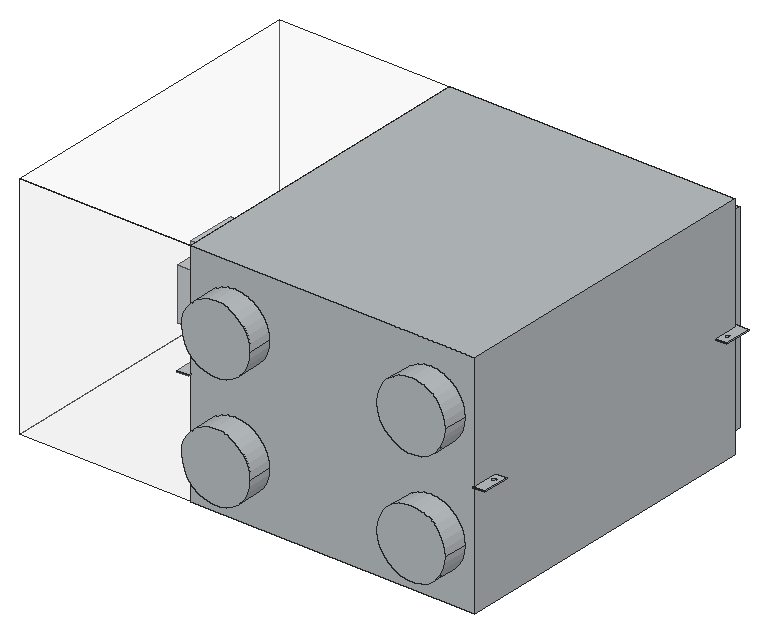
Revit family "lgh-rn150_200rxvd-c_50Hz", category 機械設備, Revit 2019
Family settings
  丸型コネクタ寸法 = 直径を使用
  パーツ タイプ = 割り込み
  OmniClass 番号 = 23.75.10.34.21
  OmniClass タイトル = Heat Exchangers for Ventilation Air
  作業面ベース = いいえ
  常に垂直 = はい
  ロード時にボイドで切り取り = いいえ
  共有 = いいえ
  部屋計算ポイント = はい
Parameters (values of type "LGH-RN150RXVD-C")
  騒音レベル(dB(A)) = 38.5
  風量 = MAX風量  # 1500.0 m³/h
  面風速 = 8.5 m/s
  電源種別 [instance] = "一般"
  電圧 = 200 V
  電動機出力 = 0 W
  集中コントローラ = ""
  運転質量 = 0.00 kg
  連動 [instance] = ""
  質量 = if(製品質量 > 運転質量, 製品質量, 運転質量) * 1.2  # 128.40 kg
  負荷分類 = 3_ファン類
  説明 = "業務用ロスナイ 天井埋込形 DCリプレースマイコン CO2センサー付"
  設計風量 = 0.0 m³/h
  設置方法 = "天井吊(隠ぺい)形"
  記号 [instance] = ""
  製造元 = "三菱電機株式会社"
  製品質量 = 107.00 kg
  製品出荷対象 = "国内"
  製品リリース年月 = "2020年10月1日"
  製品グループ = ""
  系統 [instance] = ""
  符号 [instance] = "HEU"
  積算_科目 = "1 空気調和設備"
  積算_拾い区分 [instance] = ""
  相 = 1
  盤記号 [instance] = ""
  発停方法 [instance] = "別売リモコン"
  特殊仕様 [instance] = ""
  点検口高さ = -Height / 2  # -404 mm
  点検口 = yes
  火災停止 [instance] = ""
  温度交換効率_特強 = 74.00%
  温度交換効率_強 = 74.00%
  温度交換効率_弱 = 76.50%
  消費電力 = 900 W
  法定耐用年数 = "15"
  機外静圧_排気 = 275.0 Pa
  機外静圧 = 275.0 Pa
  極数 = 3
  材質 [instance] = ""
  本体マテリアル = 溶融亜鉛めっき鋼板
  操作・制御方式 = ""
  操作・制御スイッチ = ""
  排気量 = 0.0 m³/h
  形式 = "天井埋込ダクト形"
  形名 = LGH-RN-3 : LGH-RN150-3
  幹線記号 [instance] = ""
  対象室 [instance] = ""
  実風量 = 0.0 m³/h
  始動方式 [instance] = "直入"
  外気量 = 設計風量  # 0.0 m³/h
  呼称 = "全熱交換ユニット"
  周波数 = 50 Hz
  吊りボルト-W = 1046 mm
  吊りボルト-D = 1030 mm
  参照している仕様書等のバージョン = ""
  初期抵抗 = 0.0 Pa
  分類コード = "50052504100070"
  分類グループ = ""
  価格 = 1233200
  企業コード = "108420"
  付属品_フィルター_還気 = ""
  付属品_フィルター = ""
  付属品 [instance] = ""
  仕様書バージョン = "Version1.0"
  モデル = "LGH-RN150RXVD-C"
  ドレン管径 = 0 mm
  ダクト径 = 242 mm
  サービススペース = yes
  コメント [instance] = ""
  Keynote = ""
  エンタルピ交換効率_暖房_特強 = 76.00%
  エンタルピ交換効率_暖房_強 = 76.00%
  エンタルピ交換効率_暖房_弱 = 78.50%
  エンタルピ交換効率_冷房_特強 = 66.00%
  エンタルピ交換効率_冷房_強 = 66.00%
  エンタルピ交換効率_冷房_弱 = 68.50%
  Width = 1004 mm
  Version = ""
  Uniclass2015Version = "Systems v1.9"
  Uniclass2015Title = "Thermal wheels"
  Uniclass2015Code = "Pr_60_60_36_88"
  URL = "https://www.mitsubishielectric.co.jp/ldg/wink/ssl/displayProduct.do?pid=309811"
  SpecificationReference = ""
  SpecificationDescription = ""
  SMAX風量 = 1500.0 m³/h
  SMAX静圧 = 275.0 Pa
  SAサイズ_D = 242 mm
  Revision = ""
  RAサイズ_D = 242 mm
  ProductInformation = ""
  OmniClassCode = "23-27 23 19 11"
  OAサイズ_W = 270 mm
  OAサイズ_D = 700 mm
  MIN風量 = 660.0 m³/h
  MIN静圧 = 47.0 Pa
  MID風量 = 1080.0 m³/h
  MID静圧 = 127.0 Pa
  MAX風量 = 1500.0 m³/h
  MAX静圧 = 245.0 Pa
  M2 = 49 mm
  M1 = 84 mm
  IfcTypeProduct = ""
  IfcProduct = ""
  IfcExportType = "ROTARYWHEEL"
  IfcExportAs = "IfcAirToAirHeatRecoveryType"
  Height = 808 mm
  EAサイズ_W = 270 mm
  EAサイズ_D = 700 mm
  Depth = 1144 mm
  Clearance Top = 0 mm  # constant formula
  Clearance Right = 0 mm  # constant formula
  Clearance Left = 600 mm  # constant formula
  Clearance Front = 0 mm  # constant formula
  Clearance Bottom = 0 mm  # constant formula
  Clearance Back = 0 mm  # constant formula
  Author = "三菱電機株式会社"
Types (2, lengths in mm): name | 騒音レベル(dB(A)) | 風量 | 面風速 | 質量 | 製品質量 | 温度交換効率_特強 | 温度交換効率_強 | 温度交換効率_弱 | 消費電力 | 機外静圧_排気 | 機外静圧 | 形名 | 吊りボルト-W | 価格 | モデル | エンタルピ交換効率_暖房_特強 | エンタルピ交換効率_暖房_強 | エンタルピ交換効率_暖房_弱 | エンタルピ交換効率_冷房_特強 | エンタルピ交換効率_冷房_強 | エンタルピ交換効率_冷房_弱 | Width | URL | SMAX風量 | SMAX静圧 | MIN風量 | MIN静圧 | MID風量 | MID静圧 | MAX風量 | MAX静圧
  LGH-RN150RXVD-C | 38.5 | 1500.0 m³/h | 8.5 m/s | 128.40 kg | 107.00 kg | 74.00% | 74.00% | 76.50% | 900 W | 275.0 Pa | 275.0 Pa | LGH-RN-3 : LGH-RN150-3 | 1046 | 1233200 | "LGH-RN150RXVD-C" | 76.00% | 76.00% | 78.50% | 66.00% | 66.00% | 68.50% | 1004 | "https://www.mitsubishielectric.co.jp/ldg/wink/ssl/displayProduct.do?pid=309811" | 1500.0 m³/h | 275.0 Pa | 660.0 m³/h | 47.0 Pa | 1080.0 m³/h | 127.0 Pa | 1500.0 m³/h | 245.0 Pa
  LGH-RN200RXVD-C | 41 | 2000.0 m³/h | 11.3 m/s | 140.40 kg | 117.00 kg | 73.00% | 73.00% | 75.00% | 1160 W | 225.0 Pa | 225.0 Pa | LGH-RN-3 : LGH-RN200-3 | 1273 | 1377200 | "LGH-RN200RXVD-C" | 75.00% | 75.00% | 76.50% | 65.00% | 65.00% | 67.50% | 1231 | "https://www.mitsubishielectric.co.jp/ldg/wink/ssl/displayProduct.do?pid=309814" | 2000.0 m³/h | 225.0 Pa | 880.0 m³/h | 32.0 Pa | 1440.0 m³/h | 86.0 Pa | 2000.0 m³/h | 165.0 Pa
Reference planes
  plane 1 "中心(正面/背面)": y = 0
  plane 2: z = 0
  plane 3 "中心(左/右)": x = 0
  plane 4 "4": x = 0
  plane 5 "3": x = 0
  plane 6 "左": x = -502
  plane 7 "右": x = 502
  plane 8 "背面": y = 572
  plane 9 "正面": y = -572
  plane 10: z = 404
  plane 11: y = 515
  plane 12: y = -515
  plane 13: x = 523
  plane 14: x = -523
  plane 15: z = -404
  plane 16: z = 404
  plane 17: z = -404
  plane 18: y = 572
  plane 19: x = 502
  plane 20: x = -1102
  plane 21: y = -572
  plane 22: y = 225
  plane 23: x = -652
  plane 24: y = -225
Dimensions and locks
  equal spacing: plane 6 "左", plane 5 "3", plane 7 "右"
  "Width": plane 6 "左" to plane 7 "右"
  equal spacing: plane 9 "正面", plane 1 "中心(正面/背面)", plane 8 "背面"
  "Depth": plane 9 "正面" to plane 8 "背面"
  equal spacing: plane 10, level, plane 15
  "Height": plane 10 to plane 15
  equal spacing: plane 14, plane 5 "3", plane 13
  "吊りボルト-W": plane 14 to plane 13
  equal spacing: plane 12, plane 1 "中心(正面/背面)", plane 11
  "吊りボルト-D": plane 12 to plane 11
  "Clearance Back": plane 8 "背面" to plane 18
  "Clearance Front": plane 21 to plane 9 "正面"
  "Clearance Right": plane 7 "右" to plane 19
  "Clearance Left": plane 20 to plane 6 "左"
  "Clearance Top": plane 16 to plane 10
  "Clearance Bottom": plane 15 to plane 17
  equal spacing: plane 24, plane 1 "中心(正面/背面)", plane 22
  locked: plane 24 to plane 22 at 450
  locked: plane 20 to plane 23 at 450
  aligned and locked: level to plane 2
  aligned and locked: nested 1 to plane 11
  aligned and locked: plane 12 to nested 1
  aligned and locked: plane 14 to nested 1
  aligned and locked: plane 13 to nested 1
  aligned and locked: plane 21 to nested 3
  aligned and locked: plane 20 to nested 3
  aligned and locked: plane 16 to nested 3
  aligned and locked: plane 17 to nested 3
  aligned and locked: plane 18 to nested 3
  aligned and locked: plane 6 "左" to nested 3
  aligned and locked: plane 1 "中心(正面/背面)" to nested 2
  aligned and locked: nested 2 to plane 5 "3"
  aligned and locked: plane 23 to nested 4
  aligned and locked: plane 20 to nested 4
  aligned and locked: plane 22 to nested 4
  aligned and locked: nested 4 to plane 24
Nested families
  nested 1: "固定点" at (-523, -515, 0), type "固定点"
    with W 1046 mm, D 1030 mm
  nested 2: "LGH-RN-3" at (0, 0, -404) x (0, -1, 0) z (0, 0, 1), type <- "形名", type "LGH-RN150-3"
  nested 3: "サービススペース" at (-802, 0, 0), visible <- "サービススペース", type "サービススペース"
    with Width 600 mm, Height 808 mm, Depth 1144 mm
  nested 4: "点検口設置範囲" at (-877, 0, -404), visible <- "点検口", built-in parameter 1001364 <- "点検口高さ", type "点検口設置範囲"
    with Width 450 mm, Depth 450 mm
Connectors
  hvac at (345, -656, 202), driven by "RAサイズ_D", driven by "機外静圧", driven by "風量"
    settings: on nested 2, index 1, duct flow 1500.0 m³/h, flow factor 0, pres drop 275.0 Pa, loss coef 0, conn angle 0.00°, conn width 304.8 mm, conn height 304.8 mm, conn diameter 242 mm, duct sys type 2, conn prof type 0, flow config 0, flow direction 1, loss method 4, conn ref index -1, conn util no, is conn primary yes, conn desc ""
  hvac at (345, -656, -202), driven by "RAサイズ_D", driven by "機外静圧", driven by "風量"
    settings: on nested 2, index 2, duct flow 1500.0 m³/h, flow factor 0, pres drop 275.0 Pa, loss coef 0, conn angle 0.00°, conn width 304.8 mm, conn height 304.8 mm, conn diameter 242 mm, duct sys type 2, conn prof type 0, flow config 0, flow direction 1, loss method 4, conn ref index -1, conn util no, is conn primary no, conn desc ""
  hvac at (-345, -656, 202), driven by "SAサイズ_D", driven by "機外静圧", driven by "風量"
    settings: on nested 2, index 3, duct flow 1500.0 m³/h, flow factor 0, pres drop 275.0 Pa, loss coef 0, conn angle 0.00°, conn width 304.8 mm, conn height 304.8 mm, conn diameter 242 mm, duct sys type 1, conn prof type 0, flow config 0, flow direction 2, loss method 4, conn ref index -1, conn util no, is conn primary no, conn desc ""
  hvac at (-345, -656, -202), driven by "SAサイズ_D", driven by "機外静圧", driven by "風量"
    settings: on nested 2, index 4, duct flow 1500.0 m³/h, flow factor 0, pres drop 275.0 Pa, loss coef 0, conn angle 0.00°, conn width 304.8 mm, conn height 304.8 mm, conn diameter 242 mm, duct sys type 1, conn prof type 0, flow config 0, flow direction 2, loss method 4, conn ref index -1, conn util no, is conn primary no, conn desc ""
  hvac at (345, 621, 0), driven by "機外静圧", driven by "排気量", driven by "EAサイズ_D", driven by "EAサイズ_W"
    settings: on nested 2, index 5, duct flow 0.0 m³/h, flow factor 0, pres drop 275.0 Pa, loss coef 0, conn angle 0.00°, conn width 270 mm, conn height 700 mm, conn diameter 609.6 mm, duct sys type 3, conn prof type 1, flow config 0, flow direction 2, loss method 4, conn ref index -1, conn util no, is conn primary no, conn desc ""
  hvac at (-345, 621, 0), driven by "機外静圧", driven by "外気量", driven by "OAサイズ_W", driven by "OAサイズ_D"
    settings: on nested 2, index 6, duct flow 0.0 m³/h, flow factor 0, pres drop 275.0 Pa, loss coef 0, conn angle 0.00°, conn width 270 mm, conn height 700 mm, conn diameter 609.6 mm, duct sys type 4, conn prof type 1, flow config 0, flow direction 1, loss method 4, conn ref index -1, conn util no, is conn primary no, conn desc ""
  electrical at (-559.5, -427, -18.5), driven by "極数", driven by "負荷分類", driven by "電圧", driven by "消費電力"
    settings: on nested 2, index 7, voltage 200 V, apparent load 900 VA, apparent load phase1 0 VA, apparent load phase2 0 VA, apparent load phase3 0 VA, power factor 1, load classification "3_ファン類", number of poles 3, system type 30, power factor state 1, is connector primary yes, connector utility no, sub classification motor no, connector description ""
Definition of nested family "LGH-RN-3"
  Parameters (values of type "LGH-RN150-3")
    吊りボルト-φ = 13 mm
    吊りボルト-W1 = 1030 mm
    吊りボルト-D1 = 1046 mm
    マテリアル = none
    ダクト間 = 690 mm
    ダクト-W = 270 mm
    ダクト-H = 700 mm
    コントロール手前位置 = 145 mm  # constant formula
    コントロール上位置 = 88 mm  # constant formula
    φ = 242 mm
    Φ = 258 mm
    吊りボルト-H = 0 mm
    M2 = 49 mm
    M1 = 84 mm
    W = 1144 mm
    H = 808 mm
    D = 1004 mm
    CO2センサー手前位置 = 176 mm  # constant formula
    CO2センサー上位置 = 201 mm  # constant formula
  Types (2, lengths in mm): name | 吊りボルト-D1 | ダクト間 | D
    LGH-RN200-3 | 1273 | 917 | 1231
    LGH-RN150-3 | 1046 | 690 | 1004
  Reference planes
    plane 1 "中心(正面/背面)": y = 0
    plane 2: z = 0
    plane 3 "中心(左/右)": x = 0
    plane 4: y = 502
    plane 5: y = 523
    plane 6: y = 543
    plane 7: y = -502
    plane 8: y = -523
    plane 9: y = -543
    plane 10: x = -572
    plane 11: x = 572
    plane 12: z = 404
    plane 13: x = -213
    plane 14: x = 656
    plane 15: x = -621
    plane 16: z = 202
    plane 17: y = 345
    plane 18: y = -345
    plane 19: x = -515
    plane 20: x = 515
    plane 21: x = 190.667
    plane 22: x = -190.667
    plane 23: y = -617
    plane 24: y = -686
    plane 25: x = 427
    plane 26: x = 381.333
    plane 27: x = 252
    plane 28: z = 336.667
    plane 29: z = 269.333
    plane 30: z = 134.667
    plane 31: z = 67.333
    plane 32: x = 396
    plane 33: x = 281
    plane 34: x = -581
    plane 35: x = 581
    plane 36: x = 485
    plane 37: x = -485
    plane 38: z = 404
    plane 39: z = 401
    plane 40: z = 606
    plane 41: z = 471.333
    plane 42: z = 538.667
    plane 43: z = 673.333
    plane 44: z = 740.667
    plane 45: z = 404
    plane 46: z = 808
    plane 47: y = 480
    plane 48: y = 210
    plane 49: y = -210
    plane 50: y = -480
    plane 51: z = 754
    plane 52: z = 54
    plane 53: z = 720
    plane 54: z = 607
    plane 55: z = 424
    plane 56: z = 51
  Forms (mm)
    Extrusion 1, solid, material <- "マテリアル", detail levels fine
      sketch origin (0, 0, 0) x (0, 1, 0) y (0, 0, -1)
        loop
          circle (-345, -202) r 121
        loop
          circle (345, -202) r 121
        loop
          circle (345, -606) r 121
        loop
          circle (-345, -606) r 121
      from -572 to -656
    Extrusion 2, solid, material <- "マテリアル", detail levels fine
      sketch origin (0, 0, 0) x (1, 0, 0) y (0, 1, 0)
        loop
          line (-581, 543) -> (-581, 502) -> (-485, 502) -> (-485, 543) -> (-581, 543)
        loop
          line (-581, -502) -> (-581, -543) -> (-485, -543) -> (-485, -502) -> (-581, -502)
        loop
          line (485, 543) -> (485, 502) -> (581, 502) -> (581, 543) -> (485, 543)
        loop
          line (485, -543) -> (581, -543) -> (581, -502) -> (485, -502) -> (485, -543)
        loop
          circle (-515, 523) r 6.5
        loop
          circle (515, 523) r 6.5
        loop
          circle (-515, -523) r 6.5
        loop
          circle (515, -523) r 6.5
      from 401 to 404
    Extrusion 3, solid, material <- "マテリアル", detail levels fine
      sketch origin (0, 0, 808) x (0, -1, 0) y (1, 0, 0)
        loop
          line (-502, -572) -> (502, -572) -> (502, 572) -> (-502, 572) -> (-502, -572)
      from 0 to -808
    Extrusion 4, solid, material <- "マテリアル", detail levels fine
      sketch origin (0, 0, 0) x (1, 0, 0) y (0, 0, 1)
        loop
          line (252, 720) -> (252, 51) -> (427, 51) -> (427, 720) -> (252, 720)
      from 502 to 617
    Extrusion 5, solid, material <- "マテリアル", detail levels fine
      sketch origin (0, 0, 0) x (1, 0, 0) y (0, 0, 1)
        loop
          line (281, 607) -> (281, 424) -> (396, 424) -> (396, 607) -> (281, 607)
      from 617 to 686
    Extrusion 6, solid, material <- "マテリアル", detail levels fine
      sketch origin (0, 0, 0) x (0, 1, 0) y (0, 0, 1)
        loop
          line (-210, 754) -> (-480, 754) -> (-480, 54) -> (-210, 54) -> (-210, 754)
        loop
          line (210, 754) -> (210, 54) -> (480, 54) -> (480, 754) -> (210, 754)
      from -621 to -572
  Dimensions and locks
    "W": plane 10 to plane 11
    "吊りボルト-D1": plane 8 to plane 5
    "D": plane 7 to plane 4
    equal spacing: plane 7, plane 1 "中心(正面/背面)", plane 4
    equal spacing: plane 10, plane 3 "中心(左/右)", plane 11
    "M2": plane 15 to plane 10
    "M1": plane 11 to plane 14
    equal spacing: plane 8, plane 1 "中心(正面/背面)", plane 5
    equal spacing: plane 18, plane 1 "中心(正面/背面)", plane 17
    "ダクト間": plane 18 to plane 17
    equal spacing: plane 19, plane 3 "中心(左/右)", plane 20
    "吊りボルト-W1": plane 19 to plane 20
    plane 15 to plane 14 = 1277 mm
    equal spacing: plane 10, plane 22, plane 21, plane 11
    plane 11 to plane 21 to plane 22 to plane 10 = 381.333 mm, 381.333 mm, 381.333 mm
    locked: plane 23 to plane 7 at 115
    locked: plane 24 to plane 7 at 184
    equal spacing: plane 12, plane 28, plane 29, plane 16, plane 30, plane 31, level
    locked: plane 5 to plane 6 at 20
    locked: plane 9 to plane 8 at 20
    locked: plane 38 to plane 39 at 3
    "吊りボルト-H": plane 12 to plane 38
    locked: plane 19 to plane 37 at 30
    locked: plane 36 to plane 20 at 30
    locked: plane 34 to plane 10 at 9
    locked: plane 11 to plane 35 at 9
    "H": plane 46 to level
    equal spacing: plane 46, plane 44, plane 43, plane 40, plane 42, plane 41, plane 12
    "吊りボルト-H": plane 45 to plane 12
    equal spacing: plane 48, plane 17, plane 47
    "ダクト-W": plane 48 to plane 47
    equal spacing: plane 50, plane 18, plane 49
    "ダクト-W": plane 50 to plane 49
    equal spacing: plane 51, plane 45, plane 52
    "ダクト-H": plane 51 to plane 52
    locked: plane 33 to plane 32 at 115
    locked: plane 27 to plane 25 at 175
    "CO2センサー手前位置": plane 32 to plane 11
    "コントロール手前位置": plane 25 to plane 11
    locked: plane 53 to plane 56 at 669
    "コントロール上位置": plane 46 to plane 53
    "CO2センサー上位置": plane 46 to plane 54
    locked: plane 54 to plane 55 at 183
    "φ": diameter of Extrusion 1 sketch curve  (x4)
    "吊りボルト-φ": diameter of Extrusion 2 sketch curve  (x4)
    aligned and locked: level to plane 2
    aligned and locked: plane 14 to Extrusion 1
    aligned and locked: plane 18 to Extrusion 1 sketch curve  (x2)
    aligned and locked: plane 16 to Extrusion 1 sketch curve  (x2)
    aligned and locked: plane 17 to Extrusion 1 sketch curve  (x2)
    aligned and locked: plane 6 to Extrusion 2 sketch curve  (x2)
    aligned and locked: plane 34 to Extrusion 2 sketch curve  (x2)
    aligned and locked: Extrusion 2 sketch curve to plane 4  (x2)
    aligned and locked: Extrusion 2 sketch curve to plane 37  (x2)
    aligned and locked: plane 7 to Extrusion 2 sketch curve
    aligned and locked: Extrusion 2 sketch curve to plane 9
    aligned and locked: Extrusion 2 sketch curve to plane 35
    aligned and locked: plane 9 to Extrusion 2 sketch curve
    aligned and locked: Extrusion 2 sketch curve to plane 7
    aligned and locked: plane 35 to Extrusion 2 sketch curve
    aligned and locked: plane 8 to Extrusion 2 sketch curve  (x2)
    aligned and locked: plane 5 to Extrusion 2 sketch curve  (x2)
    aligned and locked: plane 19 to Extrusion 2 sketch curve  (x2)
    aligned and locked: plane 20 to Extrusion 2 sketch curve  (x2)
    aligned and locked: Extrusion 2 to plane 39
    aligned and locked: plane 38 to Extrusion 2
    aligned and locked: Extrusion 2 sketch curve to plane 36  (x2)
    aligned and locked: Extrusion 3 to plane 46
    aligned and locked: plane 27 to Extrusion 4 sketch curve
    aligned and locked: plane 7 to Extrusion 4
    aligned and locked: plane 23 to Extrusion 4
    aligned and locked: plane 33 to Extrusion 5 sketch curve
    aligned and locked: Extrusion 5 sketch curve to plane 32
    aligned and locked: plane 23 to Extrusion 5
    aligned and locked: plane 24 to Extrusion 5
    aligned and locked: plane 40 to Extrusion 1 sketch curve  (x2)
    aligned and locked: plane 51 to Extrusion 6 sketch curve
    aligned and locked: Extrusion 6 sketch curve to plane 51
    aligned and locked: Extrusion 6 sketch curve to plane 52  (x2)
    aligned and locked: Extrusion 6 sketch curve to plane 47
    aligned and locked: Extrusion 6 sketch curve to plane 48
    aligned and locked: Extrusion 6 sketch curve to plane 49
    aligned and locked: Extrusion 6 sketch curve to plane 50
    aligned and locked: Extrusion 6 to plane 15
    aligned and locked: plane 10 to Extrusion 6
    aligned and locked: plane 55 to Extrusion 5 sketch curve
    aligned and locked: Extrusion 5 sketch curve to plane 54
    aligned and locked: Extrusion 4 sketch curve to plane 53
    aligned and locked: Extrusion 3 to level
    aligned and locked: Extrusion 4 to plane 56
    aligned and locked: Extrusion 1 to plane 11
  Automatic sketch dimensions
    plane 4 to Extrusion 3 sketch curve = 0 mm
    plane 7 to Extrusion 3 sketch curve = 0 mm
    Extrusion 3 sketch curve to plane 10 = 0 mm
    Extrusion 3 sketch curve to plane 11 = 0 mm
    Extrusion 4 sketch curve to plane 12 = 353 mm
    Extrusion 4 sketch curve to plane 25 = 0 mm
Definition of nested family "サービススペース"
  Parameters (values of type "サービススペース")
    Width [instance] = 500 mm
    Height [instance] = 500 mm
    Depth [instance] = 500 mm
  Reference planes
    plane 1 "中心(正面/背面)": y = 0
    plane 2: z = 0
    plane 3 "中心(左/右)": x = 0
    plane 4: y = -250
    plane 5: x = 250
    plane 6: y = 250
    plane 7: x = -250
    plane 8: z = 250
    plane 9: z = -250
  Forms (mm)
    Extrusion 1, solid
      sketch origin (-638.939, 0, 72.39) x (1, 0, 0) y (0, 1, 0)
        loop
          line (388.939, 250) -> (388.939, -250) -> (888.939, -250) -> (888.939, 250) -> (388.939, 250)
      from -322.39 to 177.61
  Lines and regions (mm)
    symbolic lines
      curve 1: line (-250, 0, 250) -> (250, 0, 250)
      curve 2: line (-250, 0, -250) -> (-250, 0, 250)
      curve 3: line (250, 0, -250) -> (-250, 0, -250)
      curve 4: line (250, 0, 250) -> (250, 0, -250)
      curve 5: line (0, -250, 250) -> (0, 250, 250)
      curve 6: line (0, -250, -250) -> (0, -250, 250)
      curve 7: line (0, 250, -250) -> (0, -250, -250)
      curve 8: line (0, 250, 250) -> (0, 250, -250)
      curve 9: line (-250, 250, 0) -> (250, 250, 0)
      curve 10: line (-250, -250, 0) -> (-250, 250, 0)
      curve 11: line (250, -250, 0) -> (-250, -250, 0)
      curve 12: line (250, 250, 0) -> (250, -250, 0)
  Dimensions and locks
    equal spacing: plane 7, plane 3 "中心(左/右)", plane 5
    equal spacing: plane 4, plane 1 "中心(正面/背面)", plane 6
    "Depth": plane 4 to plane 6
    "Width": plane 7 to plane 5
    equal spacing: plane 8, plane 2, plane 9
    "Height": plane 8 to plane 9
    aligned and locked: plane 9 to curve 3
    aligned and locked: plane 7 to curve 2
    aligned and locked: curve 4 to plane 5
    aligned and locked: plane 5 to Extrusion 1
    aligned and locked: Extrusion 1 to plane 7
    aligned and locked: Extrusion 1 to plane 9
    aligned and locked: plane 8 to Extrusion 1
    aligned and locked: plane 9 to curve 7
  Automatic sketch dimensions
    plane 4 to Extrusion 1 sketch curve = 0 mm
    Extrusion 1 sketch curve to plane 7 = 0 mm
    Extrusion 1 sketch curve to plane 5 = 0 mm
    plane 6 to Extrusion 1 sketch curve = 0 mm
    curve 2 to plane 8 = 0 mm
    plane 4 to curve 11 = 0 mm
    curve 11 to plane 7 = 0 mm
    curve 11 to plane 5 = 0 mm
    plane 6 to curve 10 = 0 mm
    curve 7 to plane 4 = 0 mm
    curve 7 to plane 6 = 0 mm
    curve 6 to plane 8 = 0 mm
Definition of nested family "固定点"
  Parameters (values of type "固定点")
    中心円 = 11 mm
    W [instance] = 1000 mm
    D [instance] = 1000 mm
  Reference planes
    plane 1 "中心(正面/背面)": y = 0
    plane 2: z = 0
    plane 3 "中心(左/右)": x = 0
    plane 4: x = 1000
    plane 5: y = 1000
  Lines and regions (mm)
    symbolic lines, detail levels fine
      curve 1: circle (0, 1000, 0) r 5.5 normal (0, 0, 1)
      curve 2: circle (0, 0, 0) r 5.5 normal (0, 0, 1)
      curve 3: circle (1000, 1000, 0) r 5.5 normal (0, 0, 1)
      curve 4: circle (1000, 0, 0) r 5.5 normal (0, 0, 1)
      curve 5: line (-200, 1000, 0) -> (1200, 1000, 0)
      curve 6: line (-200, 0, 0) -> (1200, 0, 0)
      curve 7: line (0, 1200, 0) -> (0, -200, 0)
      curve 8: line (1000, 1200, 0) -> (1000, -200, 0)
  Dimensions and locks
    "W": plane 3 "中心(左/右)" to plane 4
    "D": plane 1 "中心(正面/背面)" to plane 5
    "中心円": diameter of curve 1
    "中心円": diameter of curve 2
    "中心円": diameter of curve 3
    "中心円": diameter of curve 4
    aligned and locked: level to plane 2
    aligned and locked: plane 5 to curve 1
    aligned and locked: plane 3 "中心(左/右)" to curve 1
    aligned and locked: plane 3 "中心(左/右)" to curve 2
    aligned and locked: plane 1 "中心(正面/背面)" to curve 2
    aligned and locked: plane 4 to curve 3
    aligned and locked: plane 5 to curve 3
    aligned and locked: plane 1 "中心(正面/背面)" to curve 4
    aligned and locked: plane 4 to curve 4
    aligned and locked: plane 1 "中心(正面/背面)" to curve 6
    aligned and locked: curve 7 to plane 3 "中心(左/右)"
    aligned and locked: curve 8 to plane 4
  Automatic sketch dimensions
    curve 5 to plane 5 = 0 mm
    curve 6 to plane 3 "中心(左/右)" = 200 mm
    curve 5 to plane 3 "中心(左/右)" = 200 mm
    curve 4 to curve 6 = 200 mm
    curve 3 to curve 5 = 200 mm
    plane 1 "中心(正面/背面)" to curve 8 = 200 mm
    plane 1 "中心(正面/背面)" to curve 7 = 200 mm
    curve 3 to curve 8 = 200 mm
    curve 1 to curve 7 = 200 mm
Definition of nested family "点検口設置範囲"
  Parameters (values of type "点検口設置範囲")
    Width [instance] = 1000 mm
    Depth [instance] = 700 mm
  Reference planes
    plane 1 "中心(正面/背面)": y = 0
    plane 2: z = 0
    plane 3 "中心(左/右)": x = 0
    plane 4: x = -500
    plane 5: x = 500
    plane 6: y = -350
    plane 7: y = 350
  Lines and regions (mm)
    model lines
      curve 1: line (-500, 350, 0) -> (500, 350, 0)
      curve 2: line (-500, -350, 0) -> (-500, 350, 0)
      curve 3: line (500, -350, 0) -> (-500, -350, 0)
      curve 4: line (500, 350, 0) -> (500, -350, 0)
  Dimensions and locks
    "Depth": plane 7 to plane 6
    "Width": plane 4 to plane 5
    equal spacing: plane 7, plane 1 "中心(正面/背面)", plane 6
    equal spacing: plane 4, plane 3 "中心(左/右)", plane 5
    aligned and locked: level to plane 2
    aligned and locked: plane 4 to curve 2
    aligned and locked: curve 1 to plane 7
    aligned and locked: curve 4 to plane 5
    aligned and locked: plane 6 to curve 3
